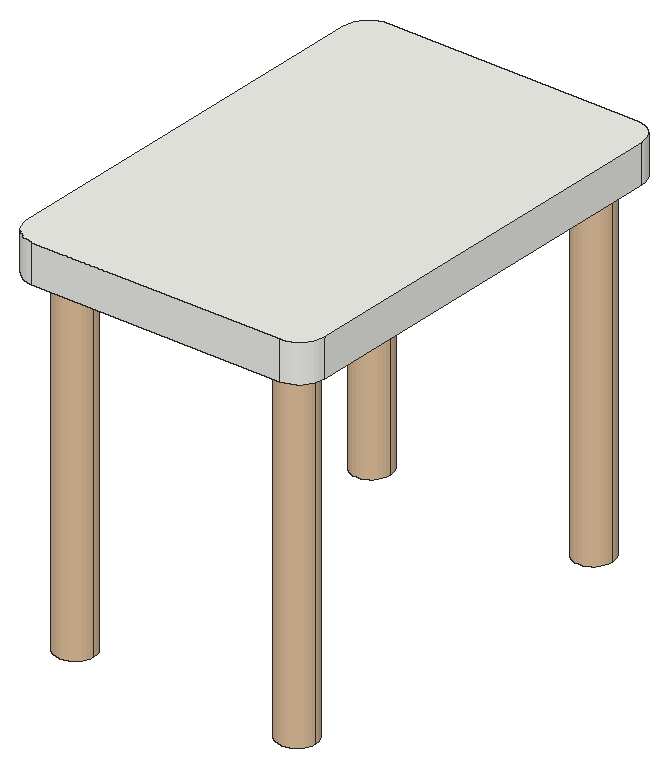
Revit family
Parameters (values of type "600 x 900mm")
  Material Legs = Wood - Birch
  Keynote = "N"
  Height = 760.00 mm
  Length = 600.00 mm
  Material Top = Laminate - Ivory,Matte
  Width = 900.00 mm
Types (4, lengths in mm): name | Height | Length | Width
  (no name) | 760.00 | 600.00 | 900.00
  600 x 600mm | 760.00 | 600.00 | 600.00
  750 x 750mm | 450.00 | 750.00 | 750.00
  600 x 900mm | 760.00 | 600.00 | 900.00
Reference planes
  plane 1: y = 152.4
  plane 2: z = 0
  plane 3 "Left": x = 3.734
  plane 4 "Right": x = 603.734
  plane 5 "Back": y = 602.4
  plane 6 "Front": y = -297.6
  plane 7: x = 303.734
Forms (mm)
  Extrusion 1, solid, material "Laminate - Ivory,Matte" <- "Material Top"
    sketch origin (0, 0, 0) x (1, 0, 0) y (0, 1, 0)
      loop
        line (54.534, -297.6) -> (552.934, -297.6)
        arc (552.934, -297.6) -> (588.855, -282.721) -> (603.734, -246.8) r 50.8
        line (603.734, -246.8) -> (603.734, 551.6)
        arc (603.734, 551.6) -> (588.855, 587.521) -> (552.934, 602.4) r 50.8
        line (552.934, 602.4) -> (54.534, 602.4)
        arc (54.534, 602.4) -> (18.613, 587.521) -> (3.734, 551.6) r 50.8
        line (3.734, 551.6) -> (3.734, -246.8)
        arc (3.734, -246.8) -> (18.613, -282.721) -> (54.534, -297.6) r 50.8
    from 683.8 to 760
  Extrusion 2, solid, material "Wood - Birch" <- "Material Legs"
    sketch origin (0, 0, 0) x (1, 0, 0) y (0, 1, 0)
      loop
        circle (79.934, 526.2) r 38.1
      loop
        circle (79.934, -221.4) r 38.1
      loop
        circle (527.534, -221.4) r 38.1
      loop
        circle (527.534, 526.2) r 38.1
    from 0 to 683.8
Lines and regions (mm)
  Masking region 1
    outline origin (0, 0, 0) x (1, 0, 0) y (0, 1, 0)
      loop
        arc (54.534, 602.4) -> (18.613, 587.521) -> (3.734, 551.6) r 50.8
        line (3.734, 551.6) -> (3.734, -246.8)
        arc (3.734, -246.8) -> (18.613, -282.721) -> (54.534, -297.6) r 50.8
        line (54.534, -297.6) -> (552.934, -297.6)
        arc (552.934, -297.6) -> (588.855, -282.721) -> (603.734, -246.8) r 50.8
        line (603.734, -246.8) -> (603.734, 551.6)
        arc (603.734, 551.6) -> (588.855, 587.521) -> (552.934, 602.4) r 50.8
        line (552.934, 602.4) -> (54.534, 602.4)
  symbolic lines, style "Furniture"
    curve 1: line (3.734, 551.6, 0) -> (3.734, -246.8, 0)
    curve 2: line (552.934, 602.4, 0) -> (54.534, 602.4, 0)
    curve 3: line (603.734, -246.8, 0) -> (603.734, 551.6, 0)
    curve 4: line (54.534, -297.6, 0) -> (552.934, -297.6, 0)
    curve 5: arc (3.734, -246.8, 0) -> (18.613, -282.721, 0) -> (54.534, -297.6, 0) r 50.8
    curve 6: arc (54.534, 602.4, 0) -> (18.613, 587.521, 0) -> (3.734, 551.6, 0) r 50.8
    curve 7: arc (603.734, 551.6, 0) -> (588.855, 587.521, 0) -> (552.934, 602.4, 0) r 50.8
    curve 8: arc (552.934, -297.6, 0) -> (588.855, -282.721, 0) -> (603.734, -246.8, 0) r 50.8
Dimensions and locks
  locked: Extrusion 1 to Extrusion 1 at 76.2
  "Height": Extrusion 1 to plane 2
  locked: Extrusion 1 to Extrusion 2 sketch curve at 76.2  (x8)
  "Width": plane 5 "Back" to plane 6 "Front"
  "Length": plane 3 "Left" to plane 4 "Right"
  equal spacing: plane 5 "Back", plane 1, plane 6 "Front"
  equal spacing: plane 3 "Left", plane 7, plane 4 "Right"
  radius of Extrusion 1 sketch curve = 50.80 mm  (x4)
  aligned and locked: plane 2 to level
  aligned and locked: plane 6 "Front" to Extrusion 1 sketch curve
  aligned and locked: Extrusion 2 to Extrusion 1
  aligned and locked: Masking region 1 sketch curve to curve 6
  aligned and locked: Masking region 1 sketch curve to curve 5
  aligned and locked: Masking region 1 sketch curve to curve 8
  aligned and locked: Masking region 1 sketch curve to curve 7
Automatic sketch dimensions
  Extrusion 2 sketch curve to Extrusion 2 sketch curve = 38.10 mm  (x4)
  Extrusion 1 sketch curve to plane 3 "Left" = 0.00 mm
  Extrusion 1 sketch curve to plane 4 "Right" = 0.00 mm
  Extrusion 1 sketch curve to plane 5 "Back" = 0.00 mm
  curve 1 to plane 3 "Left" = 0.00 mm
  curve 2 to plane 5 "Back" = 0.00 mm
  curve 5 to plane 6 "Front" = 0.00 mm
  curve 3 to plane 4 "Right" = 0.00 mm
  plane 3 "Left" to curve 2 = 50.80 mm
  plane 3 "Left" to curve 5 = 50.80 mm
  plane 4 "Right" to curve 2 = 50.80 mm
  plane 4 "Right" to curve 8 = 50.80 mm
